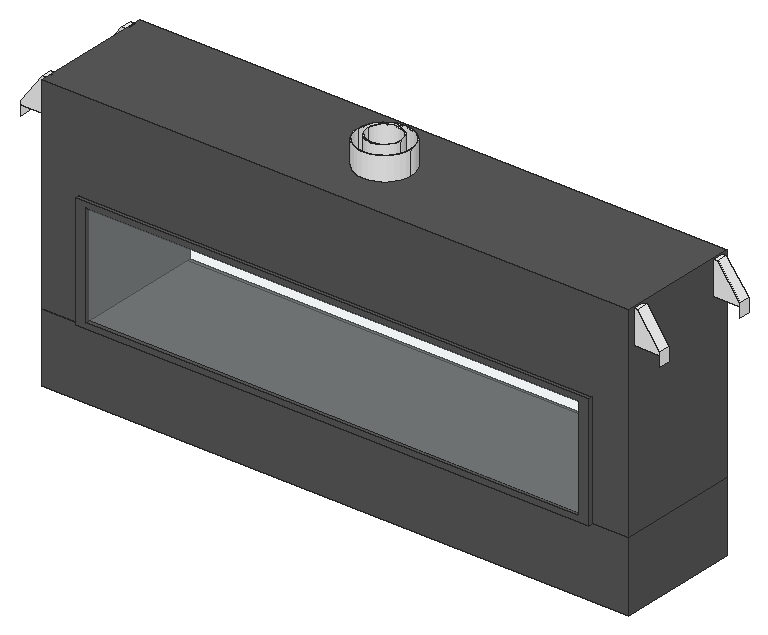
Revit family "D72", category Generic Models, Revit 2019
Family settings
  Can host rebar = No
  Round Connector Dimension = Use Diameter
  Part Type = Normal
  Work Plane-Based = No
  Always vertical = Yes
  Cut with Voids When Loaded = No
  Shared = No
  Room Calculation Point = No
Parameters
  Width = 18 3/8"
  URL = "https://www.montigo.com/"
  Model = ""
  Manufacturer Fax = ""
  Manufacturer Website = "https://www.montigo.com/"
  Manufacturer Phone - Toll Free = "800-378-3115"
  Manufacturer Phone = ""
  Manufacturer Address = "27342 Gloucester Way  Langley, BC, Canada   V4W 4A1"
  Manufacturer = "Montigo"
  Length = 87 7/8"
  Keynote = ""
  Glazing Tint = Glass - Montigo - Tint as Specified
  Frame Material = Metal - Montigo - Black
  Firebox Material = Metal - Montigo - White
  Fire Place Length = 76 3/4"
  Fire Place Height = 41"
  Fire Place - Opening = 17"
  Description = "Montigo Fireplace as Specified"
  Base Height = 10 3/8"
Reference planes (in)
  plane 1 "Center (Front/Back)": y = 0
  plane 2: z = 0
  plane 3 "Center (Left/Right)": x = 0
  plane 4: x = -43.9375
  plane 5: x = 43.9375
  plane 6: y = 9.1875
  plane 7: y = -9.1875
  plane 8: z = 10.375
  plane 9: z = 27.375
  plane 10: z = 41
  plane 11: x = -38.375
  plane 12: x = 38.375
Forms (in)
  Extrusion 1, solid, material "Metal - Montigo - Black" <- "Frame Material"
    sketch origin (0, 0, 0) x (1, 0, 0) y (0, 1, 0)
      loop
        line (-43.9375, 9.1875) -> (-43.9375, -9.1875) -> (43.9375, -9.1875) -> (43.9375, 9.1875) -> (-43.9375, 9.1875)
    from 0 to 10.375
  Extrusion 2, solid, material "Metal - Montigo - Black" <- "Frame Material"
    sketch origin (0, 0, 0) x (1, 0, 0) y (0, 1, 0)
      loop
        line (-43.9375, 9.1875) -> (-43.9375, -9.1875) -> (43.9375, -9.1875) -> (43.9375, 9.1875) -> (-43.9375, 9.1875)
    from 10.375 to 41
  Extrusion 3, solid, material "Metal - Montigo - Black" <- "Frame Material"
    sketch origin (0, 0, 0) x (1, 0, 0) y (0, 0, 1)
      loop
        line (-38.375, 27.375) -> (-38.375, 10.375) -> (38.375, 10.375) -> (38.375, 27.375) -> (-38.375, 27.375)
      loop
        line (36.9375, 26.625) -> (-36.9375, 26.625) -> (-36.9375, 11.125) -> (36.9375, 11.125) -> (36.9375, 26.625)
    from -9.75 to 9.75
  Extrusion 4, void
    sketch origin (0, 0, 0) x (1, 0, 0) y (0, 0, 1)
      loop
        line (-38.375, 27.375) -> (-38.375, 10.375) -> (38.375, 10.375) -> (38.375, 27.375) -> (-38.375, 27.375)
    from -12.26802 to 12
  Extrusion 5, solid, material "Glass - Montigo - Tint as Specified" <- "Glazing Tint"
    sketch origin (0, 0, 0) x (1, 0, 0) y (0, 1, 0)
      loop
        line (-36.9375, 9.1875) -> (-36.9375, -9.1875) -> (36.9375, -9.1875) -> (36.9375, 9.1875) -> (-36.9375, 9.1875)
    from 11.125 to 26.625
  Extrusion 6, solid, material "Metal - Montigo - White" <- "Firebox Material"
    sketch origin (145.25717, 0, -10.13625) x (1, 0, 0) y (0, 0, 1)
      loop
        line (-101.31967, 51.03625) -> (-101.31967, 46.03625) -> (-97.38867, 46.03625) -> (-97.38867, 44.53625) -> (-97.32867, 44.53625) -> (-97.32867, 46.50338) -> (-100.65867, 51.03625) -> (-101.31967, 51.03625)
    from 6.65959 to 8.25
  Extrusion 7, solid, material "Metal - Montigo - White" <- "Firebox Material"
    sketch origin (145.25717, 0, -10.13625) x (1, 0, 0) y (0, 0, -1)
      loop
        line (-101.31967, -51.03625) -> (-100.65867, -51.03625) -> (-97.32867, -46.50338) -> (-97.32867, -44.53625) -> (-97.38867, -44.53625) -> (-97.38867, -46.03625) -> (-101.31967, -46.03625) -> (-101.31967, -51.03625)
    from 6.65959 to 8.25
  Extrusion 8, solid, material "Metal - Montigo - White" <- "Firebox Material"
    sketch origin (-145.25717, 0, -10.13625) x (-1, 0, 0) y (0, 0, -1)
      loop
        line (-101.31967, -51.03625) -> (-100.65867, -51.03625) -> (-97.32867, -46.50338) -> (-97.32867, -44.53625) -> (-97.38867, -44.53625) -> (-97.38867, -46.03625) -> (-101.31967, -46.03625) -> (-101.31967, -51.03625)
    from 6.65959 to 8.25
  Extrusion 9, solid, material "Metal - Montigo - White" <- "Firebox Material"
    sketch origin (-145.25717, 0, -10.13625) x (-1, 0, 0) y (0, 0, 1)
      loop
        line (-101.31967, 51.03625) -> (-101.31967, 46.03625) -> (-97.38867, 46.03625) -> (-97.38867, 44.53625) -> (-97.32867, 44.53625) -> (-97.32867, 46.50338) -> (-100.65867, 51.03625) -> (-101.31967, 51.03625)
    from 6.65959 to 8.25
Cuts and joins
  Extrusion 4 cuts Extrusion 2
Dimensions and locks (in)
  equal spacing: plane 6, plane 1 "Center (Front/Back)", plane 7
  "Width": plane 6 to plane 7
  "Length": plane 4 to plane 5
  equal spacing: plane 4, plane 3 "Center (Left/Right)", plane 5
  "Base Height": plane 8 to plane 2
  "Fire Place - Opening": plane 9 to plane 8
  "Fire Place Height": plane 10 to plane 2
  "Fire Place Length": plane 12 to plane 11
  equal spacing: plane 12, plane 3 "Center (Left/Right)", plane 11
  plane 5 to plane 4 = 87 7/8"
  locked: Extrusion 3 to plane 7 at 0.5625
  locked: Extrusion 3 to plane 6 at 0.5625
  locked: Extrusion 5 to Extrusion 1 at 0.75
  locked: cut or joined group of Extrusion 2, Extrusion 4 to Extrusion 5 at 0.75
  locked: cut or joined group of Extrusion 2, Extrusion 4 to Extrusion 5 at 1.4375  (x2)
  aligned and locked: level to plane 2
  aligned and locked: plane 6 to Extrusion 1
  aligned and locked: plane 7 to Extrusion 1
  aligned and locked: Extrusion 1 to plane 4
  aligned and locked: Extrusion 1 to plane 5
  aligned and locked: plane 8 to Extrusion 1
  aligned and locked: plane 10 to Extrusion 2
  aligned and locked: Extrusion 2 to plane 8
  aligned and locked: Extrusion 3 sketch curve to plane 9
  aligned and locked: plane 11 to Extrusion 3 sketch curve
  aligned and locked: plane 8 to Extrusion 3 sketch curve
  aligned and locked: plane 12 to Extrusion 3 sketch curve
  aligned and locked: Extrusion 4 to plane 11
  aligned and locked: Extrusion 4 to plane 12
  aligned and locked: Extrusion 4 sketch curve to plane 9
  aligned and locked: plane 8 to Extrusion 4 sketch curve
  aligned and locked: plane 12 to Extrusion 4 sketch curve
  aligned and locked: plane 11 to Extrusion 4 sketch curve
  aligned and locked: Extrusion 5 sketch curve to plane 6
  aligned and locked: Extrusion 5 sketch curve to plane 7
  aligned and locked: nested 1 to plane 1 "Center (Front/Back)"
  aligned and locked: nested 1 to plane 3 "Center (Left/Right)"
Automatic sketch dimensions
  Extrusion 1 sketch curve to plane 4 = 0"
  Extrusion 1 sketch curve to plane 5 = 0"
  plane 7 to Extrusion 1 sketch curve = 0"
  Extrusion 1 sketch curve to plane 6 = 0"
  Extrusion 2 sketch curve to plane 4 = 0"
  Extrusion 2 sketch curve to plane 5 = 0"
  plane 7 to Extrusion 2 sketch curve = 0"
  Extrusion 2 sketch curve to plane 6 = 0"
  plane 5 to Extrusion 6 sketch curve = 0"
  Extrusion 6 sketch curve to plane 10 = 0.1"
  Extrusion 6 sketch curve to plane 5 = 0.661"
  Extrusion 6 sketch curve to plane 5 = 3.93101"
  Extrusion 6 sketch curve to Extrusion 6 sketch curve = 0.06"
  Extrusion 6 sketch curve to plane 10 = 4.63287"
  Extrusion 6 sketch curve to Extrusion 6 sketch curve = 0.46713"
  Extrusion 6 sketch curve to Extrusion 6 sketch curve = 1 1/2"
  plane 5 to Extrusion 7 sketch curve = 0"
  Extrusion 7 sketch curve to plane 10 = 0.1"
  Extrusion 7 sketch curve to plane 5 = 0.661"
  Extrusion 7 sketch curve to plane 5 = 3.93101"
  Extrusion 7 sketch curve to Extrusion 7 sketch curve = 0.06"
  Extrusion 7 sketch curve to plane 10 = 4.63287"
  Extrusion 7 sketch curve to Extrusion 7 sketch curve = 0.46713"
  Extrusion 7 sketch curve to Extrusion 7 sketch curve = 1 1/2"
  Extrusion 8 sketch curve to plane 4 = 0"
  plane 10 to Extrusion 8 sketch curve = 0.1"
  plane 4 to Extrusion 8 sketch curve = 0.661"
  plane 4 to Extrusion 8 sketch curve = 3.93101"
  Extrusion 8 sketch curve to Extrusion 8 sketch curve = 0.06"
  plane 10 to Extrusion 8 sketch curve = 4.63287"
  Extrusion 8 sketch curve to Extrusion 8 sketch curve = 0.46713"
  Extrusion 8 sketch curve to Extrusion 8 sketch curve = 1 1/2"
  Extrusion 9 sketch curve to plane 4 = 0"
  Extrusion 9 sketch curve to plane 10 = 0.1"
  Extrusion 9 sketch curve to plane 4 = 0.661"
  Extrusion 9 sketch curve to plane 4 = 3.93101"
  Extrusion 9 sketch curve to Extrusion 9 sketch curve = 0.06"
  Extrusion 9 sketch curve to plane 10 = 4.63287"
  Extrusion 9 sketch curve to Extrusion 9 sketch curve = 0.46713"
  Extrusion 9 sketch curve to Extrusion 9 sketch curve = 1 1/2"
  plane 11 to Extrusion 3 sketch curve = 1 7/16"
  plane 12 to Extrusion 3 sketch curve = 1 7/16"
  plane 8 to Extrusion 3 sketch curve = 3/4"
  Extrusion 3 sketch curve to plane 9 = 3/4"
  plane 11 to Extrusion 5 sketch curve = 1 7/16"
  plane 12 to Extrusion 5 sketch curve = 1 7/16"
Nested families (in)
  nested 1: "Duct Dia" at (0, 0, 41) x (-1, 0, 0) z (0, 0, 1), type "5""
    with Intake Duct Dia 5", Intake Diameter 4 7/8", Height 4 1/8"
  nested 2: "Duct Dia" at (0, 0, 41) x (-1, 0, 0) z (0, 0, 1), type "8""
    with Intake Duct Dia 8", Intake Diameter 7 7/8", Height 3 1/2"
Connectors (in)
  hvac at (0, 0, 45.125)
    settings: on nested 1, index 2, duct flow 0.0 L/s, flow factor 0, pres drop 0.0 Pa, loss coef 0, conn angle 0.00°, conn width 304.8 mm, conn height 304.8 mm, conn diameter 127 mm, duct sys type 3, conn prof type 0, flow config 0, flow direction 0, loss method 0, conn ref index -1, conn util no, is conn primary yes, conn desc ""
  hvac at (0, 0, 44.5)
    settings: on nested 2, index 3, duct flow 0.0 L/s, flow factor 0, pres drop 0.0 Pa, loss coef 0, conn angle 0.00°, conn width 304.8 mm, conn height 304.8 mm, conn diameter 203.2 mm, duct sys type 3, conn prof type 0, flow config 0, flow direction 0, loss method 0, conn ref index -1, conn util no, is conn primary no, conn desc ""
Definition of nested family "Duct Dia"
  Parameters (values of type "15 7/8" Dia.")
    Intake Duct Dia = 15 7/8"
    Intake Diameter = Intake Duct Dia - 1/8"  # 15 3/4"
    Height = 4"
    Firebox Material = none
    Default Elevation = 48"
  Types (12): name | Intake Duct Dia | Intake Diameter | Height
    9 7/8" Dia. | 9 7/8" | 9 3/4" | 4"
    7 7/8" Dia | 7 7/8" | 7 3/4" | 4"
    8 1/8" Dia | 8 1/8" | 8" | 1/4"
    11 3/4" Dia | 11 3/4" | 11 5/8" | 4"
    4" Dia | 10" | 9 7/8" | 4"
    7 3/4" Dia | 7 3/4" | 7 5/8" | 4"
    6 7/8" Dia | 6 7/8" | 6 3/4" | 1/4"
    9 3/4" Dia. | 9 3/4" | 9 5/8" | 4"
    7 1/8" Dia | 7 1/8" | 7" | 1/4"
    11 7/8" Dia. | 11 7/8" | 11 3/4" | 4"
    13 7/8" Dia. | 13 7/8" | 13 3/4" | 4"
    15 7/8" Dia. | 15 7/8" | 15 3/4" | 4"
  Reference planes (in)
    plane 1 "Center (Front/Back)": y = 0
    plane 2: z = 0
    plane 3 "Center (Left/Right)": x = 0
    plane 4: z = 4
  Forms (in)
    Extrusion 1, solid
      sketch origin (0, 0, 0) x (1, 0, 0) y (0, 1, 0)
        loop
          line (-48, 48) -> (-48, -48) -> (48, -48) -> (48, 48) -> (-48, 48)
      from 0 to -12
    Extrusion 2, solid, material <- "Firebox Material"
      sketch origin (0, 0, 0) x (1, 0, 0) y (0, 1, 0)
        loop
          circle (0, 0) r 7.9375
        loop
          circle (0, 0) r 7.875
      from 0 to 4
  Dimensions and locks (in)
    "Height": plane 4 to level
    "Intake Duct Dia": diameter of Extrusion 2 sketch curve
    "Intake Diameter": diameter of Extrusion 2 sketch curve
    aligned and locked: plane 2 to Extrusion 1
    aligned and locked: level to Extrusion 1
    aligned and locked: plane 4 to Extrusion 2
  Automatic sketch dimensions
    Extrusion 1 sketch curve to Extrusion 1 sketch curve = 96"  (x2)
    Extrusion 2 sketch curve to Extrusion 2 sketch curve = 0"  (x2)
    plane 1 "Center (Front/Back)" to Extrusion 2 sketch curve = 0"
    Extrusion 2 sketch curve to plane 3 "Center (Left/Right)" = 0"
